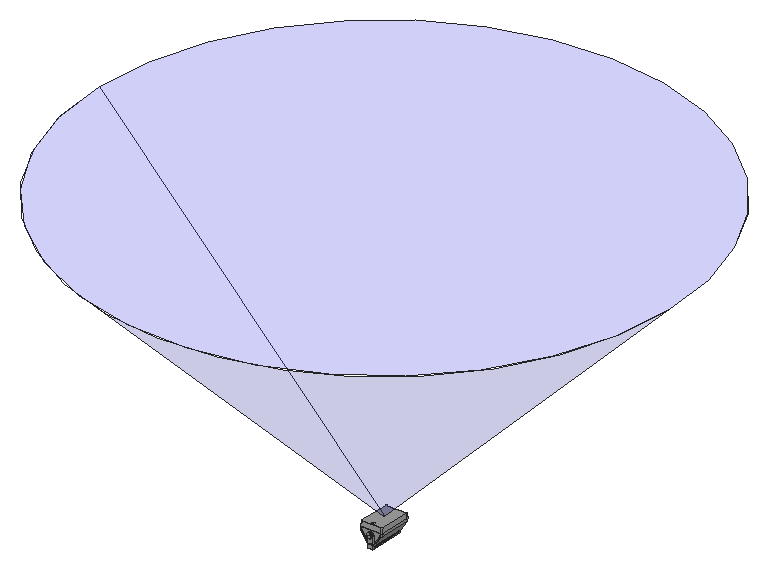
Revit family "SM52T-B", category Communication Devices, Revit 2014
Parameters (values of type "Surface Mount Loundspeaker")
  Width = 6.90"
  Weight Product = 7.5
  Warranty = "5 Year"
  Vertical Symmetry = yes
  URL = "www.atlassound.com"
  Transformer Option = yes
  Specification by User (default) = "TBD"
  Speaker Listening Height [instance] = 30.00"
  Speaker Height [instance] = 120.00"
  Speaker Dispersion = 90.00°
  Speaker Cone Visible [instance] = yes
  Sensitivity = 90
  ScheduleType |RF| = "AtlasIED Master"
  SPL Max = 107
  Rotation = 0.00°
  Product Page URL = "https://www.atlasied.com/sm52t-b"
  Product Documentation Link = "https://www.atlasied.com/f/1918/ATS003254%20SM52T%20Data%20Sheet.pdf"
  Power Rating (RMS) = "100 Watts"
  Pitch = 0.00°
  OmniClass Title = "SPEAKERS"
  OmniClass Number = "23-37 17 13 19"
  Mount Material = QF_Plastic - Black - Fine Textured
  Model = "SM52T-B"
  MaterFormat Title = "SPEAKERS"
  MasterFormat = "27 41 13"
  Manufacturer URL = "https://www.atlasied.com/"
  Manufacturer Phone = "(800) 876 - 3333"
  Manufacturer Email = "support@atlasied.com"
  Manufacturer Address = "4545 E. Baseline Rd., Phoenix, AZ 85042"
  Manufacturer = "ATLAS SOUND"
  Ingress Protection = "IP-33"
  Impedance = 8
  IQ Category = "SPEAKERS"
  Height = 6.91"
  Grill Material = QF_Plastic - Black - Fine Textured
  Frequency Response  = "85Hz – 20kHz (±3dB)"
  Family Version [instance] = "2017-01"
  Family Code (default) = "LOUD SPEAKERS"
  Environmental Testing = "100HR Salt Spray Test Per ASTM B117"
  Enclosure Material = none
  Dispersion Angle = 0.00°
  Description = "5.25\" 2-WAY ALL WEATHER LOUDSPEAKER WITH 30-WATT 70V/100V TRANSFORMER - BLACK"
  Depth = 11.565"
  Coverage Vertical = 110.00°
  Coverage Horizontal = 110.00°
  Cost MSRP = 201.99
  Cost = 201.99
  Color = none
  Body Material = QF_Plastic - Black - Fine Textured
  Baffle Material = none
  Angle [instance] = 0.00°
  70V Taps = ".94, 1.9, 3.7, 7.5, 15, 30 & 8Ω bypass"
  100V Taps = ".94, 1.9, 3.7, 7.5, 15, 30 & 8Ω bypass"
Reference planes (in)
  plane 1 "Center (Front/Back)": y = 0
  plane 2: z = 0.00218
  plane 3 "Center (Left/Right)": x = 0
  plane 4: x = 3.45
  plane 5: x = -3.45
  plane 6: z = 6.84218
  plane 7: z = 4.05856
Forms (in)
  Extrusion 1, solid, material "QF_Plastic - Black - Fine Textured" <- "Mount Material"
    sketch origin (0, 4.875, 4.05856) x (1, 0, 0) y (0, 0, -1)
      loop
        line (-0.75, 3.92856) -> (-0.75, -0.01516)
        arc (-0.75, -0.01516) -> (0, -0.76516) -> (0.75, -0.01516) r 0.75
        line (0.75, -0.01516) -> (0.75, 3.92856) -> (-0.75, 3.92856)
    from 0 to 0.13
  Extrusion 2, solid, material "QF_Plastic - Black - Fine Textured" <- "Mount Material"
    sketch origin (0, -5.345, 4.05856) x (-1, 0, 0) y (0, 0, -1)
      loop
        line (0.75, 3.92856) -> (-0.75, 3.92856) -> (-0.75, -0.01516)
        arc (-0.75, -0.01516) -> (0, -0.76516) -> (0.75, -0.01516) r 0.75
        line (0.75, -0.01516) -> (0.75, 3.92856)
    from 0 to 0.13
  Extrusion 3, solid, material "QF_Plastic - Black - Fine Textured" <- "Mount Material"
    sketch origin (0.75, 4.875, 3.31955) x (0, 0, -1) y (0, 1, 0)
      loop
        line (3.18955, 0.13) -> (3.05955, 0.13) -> (3.05955, -10.35) -> (3.18955, -10.35) -> (3.18955, 0.13)
    from 0 to -1.5
  Extrusion 4, solid, material "QF_Plastic - Black - Fine Textured" <- "Mount Material"
    sketch origin (0.75, 93.2125, 0.13) x (-1, 0, 0) y (0, 1, 0)
      loop
        circle (0.75, -90.15322) r 0.13
      loop
        circle (0.75, -96.55322) r 0.13
      loop
        circle (0.75, -89.085) r 0.2
      loop
        circle (0.75, -97.80322) r 0.2
      loop
        circle (0.75, -93.2125) r 0.25
    from 0 to 0.13
  Revolve 5, solid, material "QF_Metal - Stainless - Polished"
    sketch origin (2.0095, 1.44158, 4.05856) x (0, 1, 0) y (-1, 0, 0)
      loop
        line (1.06703, 2.0095) -> (1.17726, 2.0095) -> (1.17726, 2.2595) -> (1.06703, 2.2595) -> (1.06703, 2.0095)
      axis (1.06703, 2.0095) -> (1.17726, 2.0095)
    angle from 0 <- "Angle" to 225.204
Cuts and joins
  joined: Extrusion 1, Extrusion 2, Extrusion 3
Dimensions and locks (in)
  "Width": plane 5 to plane 4
  plane 6 to plane 2 = 6.84"
Automatic sketch dimensions
  Extrusion 1 sketch curve to Extrusion 1 sketch curve = 0.75"
  Extrusion 2 sketch curve to Extrusion 2 sketch curve = 0.75"
  Extrusion 3 sketch curve to Extrusion 1 = 0.00"
  Extrusion 1 to Extrusion 3 sketch curve = 0.00"
  Extrusion 3 sketch curve to Extrusion 1 = 0.13"
  Extrusion 3 sketch curve to Extrusion 1 = 10.35"
  Extrusion 4 sketch curve to Extrusion 3 = 0.75"  (x5)
  Extrusion 3 to Extrusion 4 sketch curve = 0.8775"
  Extrusion 4 sketch curve to Extrusion 4 sketch curve = 1.06822"
  Extrusion 4 sketch curve to Extrusion 4 sketch curve = 3.05928"
  Extrusion 3 to Extrusion 4 sketch curve = 2.13428"
  Extrusion 3 to Extrusion 4 sketch curve = 0.88428"
  Extrusion 1 sketch curve to plane 3 "Center (Left/Right)" = 0.00"
  Extrusion 1 sketch curve to plane 6 = 2.76846"
  plane 2 to Extrusion 1 sketch curve = 0.12782"
  Extrusion 2 sketch curve to plane 3 "Center (Left/Right)" = 0.00"
  Extrusion 2 sketch curve to plane 6 = 2.76846"
  plane 2 to Extrusion 2 sketch curve = 0.12782"
  Revolve 5 sketch curve to plane 3 "Center (Left/Right)" = 0.00"  (x2)
  Revolve 5 sketch curve to plane 1 "Center (Front/Back)" = 2.50861"
  Revolve 5 sketch curve to Revolve 5 sketch curve = 0.11023"
  Revolve 5 sketch curve to plane 3 "Center (Left/Right)" = 0.25"
  Revolve 5 sketch curve to Revolve 5 sketch curve = 2.32274"
  Revolve 5 sketch curve to Revolve 5 sketch curve = 0.59789"
  radius of Extrusion 4 sketch curve = 0.13"  (x2)
  radius of Extrusion 4 sketch curve = 0.20"  (x2)
  radius of Extrusion 4 sketch curve = 0.25"
Nested families (in)
  nested 1: "SM52TB" at (0, 0, 0.00218), Speaker Listening Height <- "Speaker Listening Height", Speaker Height <- "Speaker Height", Speaker Dispersion <- "Speaker Dispersion", Speaker Cone Visible <- "Speaker Cone Visible", type "Surface Mount Loundspeaker"
    with Weight Dimensional/Shipping 0, Speaker Listening Height 30.00", Speaker Height 120.00", Speaker Dispersion 90.00°, Speaker Cone Visible yes, Speaker Cone Height 90.00", Radius of Speaker Cone 90.00", Family Version "1.0"
Definition of nested family "SM52TB"
  Parameters (values of type "Surface Mount Loundspeaker")
    Woofer Size = 5.25 (stored number, unit not read)
    Width = 6.90"
    Weight Product = 0
    Weight Dimensional/Shipping [instance] = 0
    Weight Dimensional = 7.5
    Warranty = "TBD"
    Viewable Dimensions (HxW) = 0
    Vertical Symmetry = yes
    URL = "www.atlassound.com"
    Transformer Option = yes
    Sustainability Rating = "TBD"
    Specification by User (default) = "TBD"
    Specification by Manufacturer = "TBD"
    Speaker Type = "S1"
    Speaker Listening Height [instance] = 30.00"
    Speaker Height [instance] = 120.00"
    Speaker Dispersion [instance] = 120.00°
    Speaker Data Link = "TBD"
    Speaker Cone Visible [instance] = no
    Speaker Cone Height [instance] = (Speaker Height - Speaker Listening Height)  # 90.00"
    Serial Number = "TBD"
    Sensitivity = 90
    Seismic Rating = "TBD"
    ScheduleType |RF| = "AtlasIED Master"
    Safety Features = "TBD"
    Safety Agency Ratings = "TBD"
    SPL Max = 107
    Rotation = 0.00°
    Regulatory Compliance = "TBD"
    Radius of Speaker Cone [instance] = (Speaker Cone Height) * tan(Speaker Dispersion / 2)  # 155.88457"
    Product Page URL = "https://www.atlasied.com/sm52t-b"
    Product Documentation Link = "https://www.atlasied.com/f/1918/ATS003254%20SM52T%20Data%20Sheet.pdf"
    Power Rating (RMS) = "100 Watts"
    Pitch = 0.00°
    Part Number = "SM52T-B"
    Outdoor/Weather Rating = "TBD"
    OmniClass Title = "SPEAKERS"
    OmniClass Number = "23-37 17 13 19"
    Number of Bands = 0
    Mounting/Rigging Provisions = "TBD"
    Mount Material = QF_Plastic - Black - Fine Textured
    Model = "SM52T-B"
    MaterFormat Title = "SPEAKERS"
    MasterFormat = "27 41 13"
    Market = "Commercial, Higher Education, Emergency"
    Manufacturer URL = "https://www.atlasied.com/"
    Manufacturer Phone = "(800) 876 - 3333"
    Manufacturer Email = "support@atlasied.com"
    Manufacturer Address = "4545 E. Baseline Rd., Phoenix, AZ 85042"
    Manufacturer = "ATLAS SOUND"
    Ingress Protection = "IP-33"
    Impedance = 8
    IQ Category = "SPEAKERS"
    Horizontal Symmetry = yes
    Height = 6.91"
    Grill Material = QF_Plastic - Black - Fine Textured
    Frequency Response  = "85Hz – 20kHz (±3dB)"
    Family Version [instance] = "1.0"
    Family Code (default) = "ITS Inc."
    Environmental Testing = "100HR Salt Spray Test Per ASTM B117"
    Enclosure Material = none
    Dispersion Angle = 0.00°
    Description = "5.25\" 2-WAY ALL WEATHER LOUDSPEAKER WITH 30-WATT 70V/100V TRANSFORMER - BLACK"
    Depth = 11.565"
    Crossover Frequency = "5kHz"
    Coverage Vertical = 110.00°
    Coverage Horizontal = 110.00°
    Coverage = "ADD COVERAGE VIEW"
    Cost MSRP = 201.99
    Cost = 201.99
    Color = none
    Body Material = QF_Plastic - Black - Fine Textured
    Baffle Material = none
    70V Taps = ".94, 1.9, 3.7, 7.5, 15, 30 & 8Ω bypass"
    100V Taps = ".94, 1.9, 3.7, 7.5, 15, 30 & 8Ω bypass"
  Reference planes (in)
    plane 1 "Center (Front/Back)": y = 0
    plane 2: z = 0.00218
    plane 3 "Center (Left/Right)": x = 0
    plane 4: x = 3.45
    plane 5: x = -3.45
    plane 6: z = 6.84218
  Forms (in)
    SweptBlend 1, solid, material "QF_Plastic - Black - Fine Textured" <- "Grill Material"
      path origin (0, -6.0075, 4.05856) x (1, 0, 0) y (0, 0, -1)
        loop
          line (0, -2.78362) -> (0, -1.2291)
      profile origin (0, -6.0075, 6.84218) x (0, 1, 0) y (-1, 0, 0)
        loop
          line (10.445, 3.29) -> (1.1, 3.29)
          arc (1.1, 3.29) -> (0.90378, 3.20872) -> (0.8225, 3.0125) r 0.2775
          line (0.8225, 3.0125) -> (0.8225, -3.0125)
          arc (0.8225, -3.0125) -> (0.90378, -3.20872) -> (1.1, -3.29) r 0.2775
          line (1.1, -3.29) -> (10.445, -3.29)
          arc (10.445, -3.29) -> (10.64122, -3.20872) -> (10.7225, -3.0125) r 0.2775
          line (10.7225, -3.0125) -> (10.7225, 3.0125)
          arc (10.7225, 3.0125) -> (10.64122, 3.20872) -> (10.445, 3.29) r 0.2775
      end profile origin (0, -6.0075, 5.28766) x (0, 1, 0) y (-1, 0, 0)
        loop
          arc (10.68502, -3.45) -> (10.80715, -3.34413) -> (10.8825, -3.20114) r 0.4375
          line (10.8825, -3.20114) -> (10.8825, 3.20114)
          arc (10.8825, 3.20114) -> (10.80715, 3.34413) -> (10.68502, 3.45) r 0.4375
          line (10.68502, 3.45) -> (0.85998, 3.45)
          arc (0.85998, 3.45) -> (0.73785, 3.34413) -> (0.6625, 3.20114) r 0.4375
          line (0.6625, 3.20114) -> (0.6625, -3.20114)
          arc (0.6625, -3.20114) -> (0.73785, -3.34413) -> (0.85998, -3.45) r 0.4375
          line (0.85998, -3.45) -> (10.68502, -3.45)
    Extrusion 2, solid, material "QF_Metal - Stainless - Polished"
      sketch origin (0, -0.235, 6.84218) x (0, 1, 0) y (-1, 0, 0)
        loop
          circle (-4.12456, 0) r 0.30986
      from 0 to 0.03
    Extrusion 3, solid, material "QF_Plastic - Black - Fine Textured" <- "Body Material"
      sketch origin (0, -6.0075, 4.05856) x (1, 0, 0) y (0, 0, -1)
        loop
          line (3.45477, -1.2291) -> (3.375, -0.40313) -> (1.19257, 2.83489)
          arc (1.19257, 2.83489) -> (1.01373, 3.00126) -> (0.77705, 3.06163) r 0.4941
          line (0.77705, 3.06163) -> (-0.77705, 3.06163)
          arc (-0.77705, 3.06163) -> (-1.01373, 3.00126) -> (-1.19257, 2.83489) r 0.4941
          line (-1.19257, 2.83489) -> (-3.375, -0.40313) -> (-3.45477, -1.2291) -> (3.45477, -1.2291)
      from 0.6625 to 10.8825
    Sweep 4, void
      path origin (0, 4.875, 4.05856) x (1, 0, 0) y (0, 0, -1)
        loop
          line (3.44498, -1.37746) -> (3.35073, -0.32743) -> (1.0665, 3.06163) -> (-1.0665, 3.06163) -> (-3.35073, -0.32743) -> (-3.44498, -1.37746)
      profile origin (0, 4.875, 0.99693) x (0, 0, 1) y (0, 1, 0)
        loop
          line (-0.05824, -9.70309) -> (-0.15314, -9.70309) -> (-0.15314, -10.2825) -> (0.45214, -10.2825) -> (0.45214, -10.15349)
          spline (0.45214, -10.15349) -> (0.38758, -10.1599) -> (0.32278, -10.15662) -> (0.25919, -10.14371) -> (0.19821, -10.12147) -> (0.14119, -10.09038) -> (0.08941, -10.05114) -> (0.044, -10.00461) -> (0.00598, -9.95183) -> (-0.02382, -9.89396) -> (-0.04473, -9.8323) -> (-0.05629, -9.7682) -> (-0.05824, -9.70309)
        loop
          spline (-0.05824, -0.51691) -> (-0.05629, -0.4518) -> (-0.04473, -0.3877) -> (-0.02382, -0.32604) -> (0.00598, -0.26817) -> (0.044, -0.21539) -> (0.08941, -0.16886) -> (0.14119, -0.12962) -> (0.19821, -0.09853) -> (0.25919, -0.07629) -> (0.32278, -0.06338) -> (0.38758, -0.0601) -> (0.45214, -0.06651)
          line (0.45214, -0.06651) -> (0.45214, 0.0625) -> (-0.15314, 0.0625) -> (-0.15314, -0.51691) -> (-0.05824, -0.51691)
    Revolve 5, solid, material "QF_Plastic - Black - Fine Textured" <- "Mount Material"
      sketch origin (0, -6.0075, 4.05856) x (1, 0, 0) y (0, 1, 0)
        loop
          line (0, 11.57) -> (-0.74918, 11.57) -> (-0.74918, 11.2) -> (-0.48668, 11.2) -> (-0.48668, 10.9125) -> (0, 10.9125) -> (0, 11.57)
        loop
          line (0, 0.005) -> (0, 0.6625) -> (-0.48668, 0.6625) -> (-0.48668, 0.375) -> (-0.74918, 0.375) -> (-0.74918, 0.005) -> (0, 0.005)
        axis (0, 11.57) -> (0, 0.005)
      angle from 0 to 360
    Blend 6, solid, material "Glass", visible <- "Speaker Cone Visible"
      base sketch origin (0, 0, 6.84218) x (1, 0, 0) y (0, 1, 0)
        loop
          circle (0, 0.09521) r 155.88457
      top sketch origin (0, 0, 6.84218) x (1, 0, 0) y (0, 1, 0)
        loop
          circle (0, 0.09521) r 0.13513
      from 90 <- "Speaker Cone Height" to 0
  Cuts and joins
    Sweep 4 cuts Extrusion 3
  Lines and regions (in)
    symbolic lines
      curve 1: line (-3.20114, 4.875, 0) -> (3.20114, 4.875, 0)
      curve 2: arc (3.20114, 4.875, 0) -> (3.34413, 4.79965, 0) -> (3.45, 4.67752, 0) r 0.4375
      curve 3: line (3.45, 4.67752, 0) -> (3.45, -5.14752, 0)
      curve 4: arc (3.45, -5.14752, 0) -> (3.34413, -5.26965, 0) -> (3.20114, -5.345, 0) r 0.4375
      curve 5: line (3.20114, -5.345, 0) -> (-3.20114, -5.345, 0)
      curve 6: arc (-3.20114, -5.345, 0) -> (-3.34413, -5.26965, 0) -> (-3.45, -5.14752, 0) r 0.4375
      curve 7: line (-3.45, -5.14752, 0) -> (-3.45, 4.67752, 0)
      curve 8: arc (-3.45, 4.67752, 0) -> (-3.34413, 4.79965, 0) -> (-3.20114, 4.875, 0) r 0.4375
      curve 9: line (-3.29, 4.4375, 0) -> (-3.29, -4.9075, 0)
      curve 10: arc (-3.29, -4.9075, 0) -> (-3.20872, -5.10372, 0) -> (-3.0125, -5.185, 0) r 0.2775
      curve 11: line (-3.0125, -5.185, 0) -> (3.0125, -5.185, 0)
      curve 12: arc (3.0125, -5.185, 0) -> (3.20872, -5.10372, 0) -> (3.29, -4.9075, 0) r 0.2775
      curve 13: line (3.29, -4.9075, 0) -> (3.29, 4.4375, 0)
      curve 14: arc (3.29, 4.4375, 0) -> (3.20872, 4.63372, 0) -> (3.0125, 4.715, 0) r 0.2775
      curve 15: line (3.0125, 4.715, 0) -> (-3.0125, 4.715, 0)
      curve 16: arc (-3.0125, 4.715, 0) -> (-3.20872, 4.63372, 0) -> (-3.29, 4.4375, 0) r 0.2775
      curve 17: arc (0, -4.66942, 0) -> (0.30986, -4.35956, 0) -> (0, -4.04971, 0) r 0.30986
      curve 18: arc (0, -4.04971, 0) -> (-0.30986, -4.35956, 0) -> (0, -4.66942, 0) r 0.30986
      curve 19: line (0.74918, -6.0025, 0) -> (-0.74918, -6.0025, 0)
      curve 20: line (0.74918, -5.6325, 0) -> (0.74918, -6.0025, 0)
      curve 21: line (-0.74918, -5.6325, 0) -> (0.74918, -5.6325, 0)
      curve 22: line (-0.74918, -6.0025, 0) -> (-0.74918, -5.6325, 0)
      curve 23: line (-0.75, -5.475, 0) -> (0.75, -5.475, 0)
      curve 24: line (0.75, -5.475, 0) -> (0.75, -5.345, 0)
      curve 25: line (-0.75, -5.475, 0) -> (-0.75, -5.345, 0)
      curve 26: line (-0.48758, -5.6325, 0) -> (-0.48758, -5.475, 0)
      curve 27: line (0.48785, -5.6325, 0) -> (0.48785, -5.475, 0)
      curve 28: line (0.74918, 5.5625, 0) -> (-0.74918, 5.5625, 0)
      curve 29: line (0.74918, 5.1925, 0) -> (0.74918, 5.5625, 0)
      curve 30: line (-0.74918, 5.1925, 0) -> (0.74918, 5.1925, 0)
      curve 31: line (-0.74918, 5.5625, 0) -> (-0.74918, 5.1925, 0)
      curve 32: line (-0.75, 5.035, 0) -> (0.75, 5.035, 0)
      curve 33: line (0.75, 5.035, 0) -> (0.75, 4.905, 0)
      curve 34: line (-0.75, 5.035, 0) -> (-0.75, 4.905, 0)
      curve 35: line (-0.48758, 5.1925, 0) -> (-0.48758, 5.035, 0)
      curve 36: line (0.48785, 5.1925, 0) -> (0.48785, 5.035, 0)
    symbolic lines, style "Sound Projection Average", visible <- "Speaker Cone Visible"
      curve 37: circle (0, 0.09521, 6.84218) r 155.88457 normal (0, 0, 1)
  Dimensions and locks (in)
    "Width": plane 5 to plane 4
    plane 6 to plane 2 = 6.84"
    "Radius of Speaker Cone": radius of Blend 6 sketch curve
  Automatic sketch dimensions
    curve 17 to curve 18 = 0.00"  (x2)
    curve 7 to plane 5 = 0.00"
    curve 18 to plane 3 "Center (Left/Right)" = 0.00"
    curve 3 to plane 4 = 0.00"
    curve 9 to plane 5 = 0.16"
    curve 1 to plane 5 = 0.24886"
    curve 5 to plane 5 = 0.24886"
    curve 9 to curve 8 = 0.21782"
    curve 9 to curve 6 = 0.21782"
    curve 6 to curve 11 = 0.18864"
    curve 8 to curve 15 = 0.18864"
    curve 25 to plane 3 "Center (Left/Right)" = 0.75"
    curve 34 to plane 3 "Center (Left/Right)" = 0.75"
    curve 32 to curve 31 = 0.00082"
    curve 23 to curve 19 = 0.00082"
    plane 3 "Center (Left/Right)" to curve 20 = 0.74918"
    plane 3 "Center (Left/Right)" to curve 29 = 0.74918"
    curve 20 to curve 24 = 0.00082"
    curve 29 to curve 33 = 0.00082"
    curve 12 to plane 4 = 0.4375"
    curve 15 to plane 4 = 0.4375"
    curve 14 to curve 2 = 0.05968"
    curve 12 to curve 4 = 0.05968"
    curve 11 to curve 5 = 0.18864"
    curve 14 to curve 1 = 0.18864"
    curve 13 to plane 4 = 0.16"
    plane 1 "Center (Front/Back)" to curve 20 = 6.0025"
    curve 19 to curve 21 = 0.37"
    curve 21 to curve 25 = 0.1575"
    curve 23 to curve 5 = 0.13"
    curve 5 to curve 11 = 0.16"
    curve 7 to curve 10 = 0.24002"
    curve 3 to curve 13 = 0.24002"
    curve 26 to curve 18 = 1.11544"
    curve 9 to plane 1 "Center (Front/Back)" = 4.4375"
    curve 14 to curve 2 = 0.01944"
    curve 16 to curve 8 = 0.01944"
    curve 16 to curve 7 = 0.24002"
    curve 16 to curve 34 = 0.32"
    curve 32 to curve 31 = 0.1575"
    curve 30 to curve 28 = 0.37"
    curve 30 to curve 35 = 0.2616"
    curve 23 to curve 26 = 0.26242"
    curve 27 to curve 23 = 0.26215"
    curve 36 to curve 29 = 0.26133"
    curve 17 to curve 17 = 0.30986"
    curve 34 to curve 32 = 0.13"
    curve 33 to curve 32 = 0.13"
    SweptBlend 1 sketch curve to plane 3 "Center (Left/Right)" = 0.00"
    SweptBlend 1 sketch curve to plane 6 = 0.00"
    SweptBlend 1 sketch curve to plane 6 = 1.55452"
    profile plane to SweptBlend 1 sketch curve = 0.6625"
    SweptBlend 1 sketch curve to SweptBlend 1 sketch curve = 0.19748"  (x3)
    SweptBlend 1 sketch curve to SweptBlend 1 sketch curve = 0.22058"  (x3)
    SweptBlend 1 sketch curve to SweptBlend 1 sketch curve = 0.41806"
    SweptBlend 1 sketch curve to profile plane = 3.07218"  (x2)
    SweptBlend 1 sketch curve to SweptBlend 1 sketch curve = 9.38388"
    SweptBlend 1 sketch curve to SweptBlend 1 sketch curve = 0.00"  (x2)
    profile plane to SweptBlend 1 sketch curve = 3.07218"  (x2)
    SweptBlend 1 sketch curve to SweptBlend 1 sketch curve = 0.12896"  (x2)
    profile plane to SweptBlend 1 sketch curve = 0.8225"
    SweptBlend 1 sketch curve to SweptBlend 1 sketch curve = 0.2775"  (x3)
    profile plane to SweptBlend 1 sketch curve = 3.29"
    SweptBlend 1 sketch curve to SweptBlend 1 sketch curve = 9.345"
    SweptBlend 1 sketch curve to profile plane = 3.0125"
    Extrusion 2 sketch curve to SweptBlend 1 = 0.82544"
    Extrusion 2 sketch curve to SweptBlend 1 = 3.29"
    plane 5 to Extrusion 3 sketch curve = 0.00477"
    Extrusion 3 sketch curve to plane 5 = 0.075"
    Extrusion 3 sketch curve to plane 3 "Center (Left/Right)" = 1.19257"
    Extrusion 3 sketch curve to Extrusion 3 sketch curve = 0.41552"  (x2)
    plane 3 "Center (Left/Right)" to Extrusion 3 sketch curve = 0.77705"
    Extrusion 3 sketch curve to plane 4 = 0.075"
    plane 4 to Extrusion 3 sketch curve = 0.00477"
    Extrusion 3 sketch curve to plane 6 = 1.55452"
    Extrusion 3 sketch curve to Extrusion 3 sketch curve = 0.82597"  (x2)
    plane 2 to Extrusion 3 sketch curve = 1.48885"
    level to Extrusion 3 sketch curve = 1.49103"
    Extrusion 3 sketch curve to Extrusion 3 sketch curve = 0.26736"
    Sweep 4 sketch curve to Extrusion 3 = 0.00"
    Sweep 4 sketch curve to Extrusion 3 = 0.90167"  (x2)
    Sweep 4 sketch curve to Extrusion 3 = 0.01688"
    Sweep 4 sketch curve to Sweep 4 sketch curve = 2.28423"  (x2)
    Sweep 4 sketch curve to Sweep 4 sketch curve = 2.13299"
    Extrusion 3 to Sweep 4 sketch curve = 0.14836"  (x2)
    Sweep 4 sketch curve to Sweep 4 sketch curve = 0.09426"  (x2)
    profile plane to Sweep 4 sketch curve = 0.15314"  (x2)
    profile plane to Sweep 4 sketch curve = 0.05824"  (x2)
    Sweep 4 sketch curve to profile plane = 0.06651"
    Sweep 4 sketch curve to profile plane = 0.45214"  (x2)
    Sweep 4 sketch curve to profile plane = 0.51691"
    Sweep 4 sketch curve to Sweep 4 sketch curve = 9.18618"
    Sweep 4 sketch curve to Sweep 4 sketch curve = 0.4504"
    Sweep 4 sketch curve to Sweep 4 sketch curve = 0.12901"
    profile plane to Sweep 4 sketch curve = 0.0625"
    Sweep 4 sketch curve to profile plane = 0.05997"
    Sweep 4 sketch curve to Sweep 4 sketch curve = 0.07506"  (x2)
    Sweep 4 sketch curve to Sweep 4 sketch curve = 0.01944"
    Revolve 5 sketch curve to plane 3 "Center (Left/Right)" = 0.00"  (x3)
    Revolve 5 sketch curve to plane 3 "Center (Left/Right)" = 0.48668"  (x2)
    Revolve 5 sketch curve to Revolve 5 sketch curve = 0.2625"  (x2)
    plane 1 "Center (Front/Back)" to Revolve 5 sketch curve = 6.0025"
    Revolve 5 sketch curve to Revolve 5 sketch curve = 0.37"  (x2)
    Revolve 5 sketch curve to Revolve 5 sketch curve = 0.2875"  (x2)
    Revolve 5 sketch curve to plane 1 "Center (Front/Back)" = 4.905"
    Revolve 5 sketch curve to Revolve 5 sketch curve = 1.10286"
    Revolve 5 sketch curve to Revolve 5 sketch curve = 0.10978"
    Blend 6 sketch curve to plane 3 "Center (Left/Right)" = 0.00"  (x2)
    Blend 6 sketch curve to plane 1 "Center (Front/Back)" = 0.09521"  (x2)
    radius of Extrusion 2 sketch curve = 0.30986"
    radius of Blend 6 sketch curve = 0.13513"
  Nested families (in)
    nested 1: "Speaker Annotation" at (0, 0, 6.84218), Speaker Type <- "Speaker Type", type "Data Annotation"
      with Speaker Type "S1"
  Definition of nested family "Speaker Annotation"
    Parameters (values of type "Data Annotation")
      Speaker Type [instance] = ""
    Reference planes (in)
      plane 1: y = 0
      plane 2: x = 0
    Lines and regions (in)
      detail lines, style "Data Device"
        curve 1: circle (-0.00295, 0.00032, 0) r 0.09489 normal (0, 0, 1)
    Text (in)
      label "S1" at (0.00193, -0.00496, 0), shows "Speaker Type"
